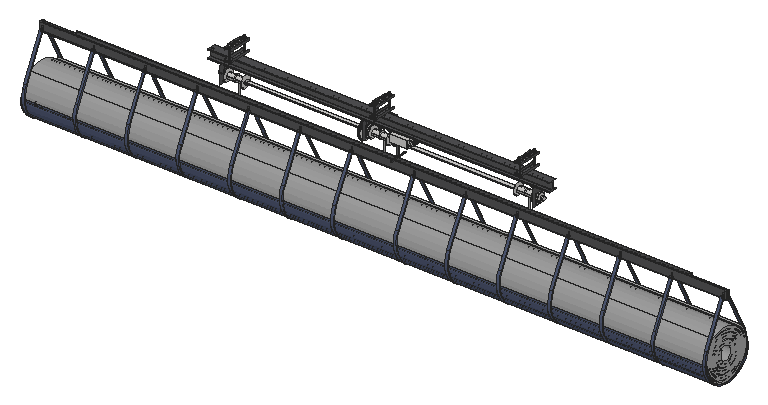
Revit family "Wrestling_Mat_Storage-PSS-4090", category Specialty Equipment, Revit 2017 (continued)
Definition of nested family "Wrestling_Mat_Storage-Hoist-PSS"
  Forms (in)
    Extrusion 55, solid, detail levels medium+fine
      sketch origin (23.0625, 31.64778, -3.17969) x (0, 1, 0) y (0, 0, 1)
        loop
          line (-32.02278, 8.61719) -> (-32.02278, 7.24219) -> (-30.64778, 7.24219) -> (-30.64778, 8.61719) -> (-32.02278, 8.61719)
        loop
          line (-31.89778, 8.49219) -> (-31.89778, 7.36719) -> (-30.77278, 7.36719) -> (-30.77278, 8.49219) -> (-31.89778, 8.49219)
        loop
          line (-31.71028, 8.30469) -> (-31.71028, 7.55469) -> (-30.96028, 7.55469) -> (-30.96028, 8.30469) -> (-31.71028, 8.30469)
        loop
          line (-31.08528, 8.17969) -> (-31.58528, 8.17969) -> (-31.58528, 7.67969) -> (-31.08528, 7.67969) -> (-31.08528, 8.17969)
        loop
          circle (-29.58528, 6.17969) r 0.0625
        loop
          circle (-33.08528, 9.67969) r 0.0625
        loop
          circle (-33.08528, 6.17969) r 0.0625
      from 0 to 1.25
    Extrusion 56, solid, detail levels medium+fine
      sketch origin (23.0625, 5, 0) x (0, 1, 0) y (0, 0, 1)
        loop
          circle (-9.63644, 4.84421) r 1.25
        loop
          circle (-9.63644, 4.84421) r 0.625
      from 0 to 0.75
    Extrusion 57, solid, detail levels medium+fine
      sketch origin (23.0625, 5, 0) x (0, 1, 0) y (0, 0, 1)
        loop
          arc (-9.2615, 6.35091) -> (-9.63644, 6.71921) -> (-10.01138, 6.35091) r 0.375
          arc (-10.01138, 6.35091) -> (-10.08055, 6.10596) -> (-10.26134, 5.9268) r 0.5
          arc (-10.26134, 5.9268) -> (-9.63644, 6.09421) -> (-9.01154, 5.9268) r 1.25
          arc (-9.01154, 5.9268) -> (-9.19234, 6.10596) -> (-9.2615, 6.35091) r 0.5
        loop
          arc (-8.51908, 3.76615) -> (-8.01265, 3.90671) -> (-8.14414, 4.41557) r 0.375
          arc (-8.14414, 4.41557) -> (-8.32168, 4.59795) -> (-8.38644, 4.8441) r 0.5
          arc (-8.38644, 4.8441) -> (-8.55391, 4.21921) -> (-9.01134, 3.76174) r 1.25
          arc (-9.01134, 3.76174) -> (-8.76579, 3.82873) -> (-8.51908, 3.76615) r 0.5
        loop
          arc (-11.12875, 4.41557) -> (-11.26024, 3.90671) -> (-10.75381, 3.76615) r 0.375
          arc (-10.75381, 3.76615) -> (-10.5071, 3.82873) -> (-10.26154, 3.76174) r 0.5
          arc (-10.26154, 3.76174) -> (-10.71898, 4.21921) -> (-10.88644, 4.8441) r 1.25
          arc (-10.88644, 4.8441) -> (-10.95121, 4.59795) -> (-11.12875, 4.41557) r 0.5
        loop
          circle (-9.63644, 6.34421) r 0.125
        loop
          circle (-8.33741, 4.09421) r 0.125
        loop
          circle (-10.93548, 4.09421) r 0.125
      from 0 to 0.375
    Extrusion 58, solid, detail levels medium+fine
      sketch origin (23.0625, 5, 0) x (0, 1, 0) y (0, 0, 1)
        loop
          circle (-9.63644, 4.84421) r 0.375
        loop
          circle (-9.63644, 4.84421) r 0.625
      from 0 to 1
    Extrusion 59, solid, detail levels medium+fine
      sketch origin (10.5625, 5, 0) x (0, 1, 0) y (0, 0, -1)
        loop
          circle (-9.63644, -4.84421) r 1.25
        loop
          circle (-9.63644, -4.84421) r 0.625
      from 0 to 0.75
    Extrusion 60, solid, detail levels medium+fine
      sketch origin (10.5625, 5, 0) x (0, 1, 0) y (0, 0, -1)
        loop
          arc (-9.2615, -6.35091) -> (-9.19234, -6.10596) -> (-9.01154, -5.9268) r 0.5
          arc (-9.01154, -5.9268) -> (-9.63644, -6.09421) -> (-10.26134, -5.9268) r 1.25
          arc (-10.26134, -5.9268) -> (-10.08055, -6.10596) -> (-10.01138, -6.35091) r 0.5
          arc (-10.01138, -6.35091) -> (-9.63644, -6.71921) -> (-9.2615, -6.35091) r 0.375
        loop
          arc (-8.51908, -3.76615) -> (-8.76579, -3.82873) -> (-9.01134, -3.76174) r 0.5
          arc (-9.01134, -3.76174) -> (-8.55391, -4.21921) -> (-8.38644, -4.8441) r 1.25
          arc (-8.38644, -4.8441) -> (-8.32168, -4.59795) -> (-8.14414, -4.41557) r 0.5
          arc (-8.14414, -4.41557) -> (-8.01265, -3.90671) -> (-8.51908, -3.76615) r 0.375
        loop
          arc (-11.12875, -4.41557) -> (-10.95121, -4.59795) -> (-10.88644, -4.8441) r 0.5
          arc (-10.88644, -4.8441) -> (-10.71898, -4.21921) -> (-10.26154, -3.76174) r 1.25
          arc (-10.26154, -3.76174) -> (-10.5071, -3.82873) -> (-10.75381, -3.76615) r 0.5
          arc (-10.75381, -3.76615) -> (-11.26024, -3.90671) -> (-11.12875, -4.41557) r 0.375
        loop
          circle (-9.63644, -6.34421) r 0.125
        loop
          circle (-8.33741, -4.09421) r 0.125
        loop
          circle (-10.93548, -4.09421) r 0.125
      from 0 to 0.375
    Extrusion 61, solid, detail levels medium+fine
      sketch origin (10.5625, 5, 0) x (0, 1, 0) y (0, 0, -1)
        loop
          circle (-9.63644, -4.84421) r 0.375
        loop
          circle (-9.63644, -4.84421) r 0.625
      from 0 to 1
    Extrusion 62, solid, material <- "Superstructure Finish", detail levels medium+fine
      sketch origin (0, 2, 0) x (1, 0, 0) y (0, 1, 0)
        loop
          circle (9.6875, 0) r 0.5
        loop
          circle (9.6875, 0) r 0.375
      from -11 to 2
    Extrusion 63, solid, material <- "Superstructure Finish", detail levels medium+fine
      sketch origin (0, 2, 0) x (1, 0, 0) y (0, 1, 0)
        loop
          circle (9.6875, 0) r 0.5
        loop
          circle (9.6875, 0) r 0.6875
      from 0 to 7.25
    Extrusion 64, solid, material <- "Superstructure Finish", detail levels medium+fine
      sketch origin (9.625, 1.625, 5.33347) x (0, 1, 0) y (0, 0, 1)
        loop
          line (0, -8.58347) -> (0, -7.33347) -> (-1.375, -7.33347)
          arc (-1.375, -7.33347) -> (-2.34727, -6.93075) -> (-2.75, -5.95847) r 1.375
          line (-2.75, -5.95847) -> (-2.75, -0.33347)
          arc (-2.75, -0.33347) -> (-2.82322, -0.1567) -> (-3, -0.08347) r 0.25
          line (-3, -0.08347) -> (-3.75, -0.08347)
          arc (-3.75, -0.08347) -> (-3.92678, -0.1567) -> (-4, -0.33347) r 0.25
          line (-4, -0.33347) -> (-4, -5.95847)
          arc (-4, -5.95847) -> (-3.23116, -7.81463) -> (-1.375, -8.58347) r 2.625
          line (-1.375, -8.58347) -> (0, -8.58347)
        loop
          arc (-3.625, -0.45847) -> (-3.75, -0.58347) -> (-3.625, -0.70847) r 0.125
          line (-3.625, -0.70847) -> (-3.125, -0.70847)
          arc (-3.125, -0.70847) -> (-3, -0.58347) -> (-3.125, -0.45847) r 0.125
          line (-3.125, -0.45847) -> (-3.625, -0.45847)
      from 0 to 0.125
    Extrusion 65, solid, material <- "Superstructure Finish", detail levels medium+fine
      sketch origin (0, 2, 0.25) x (1, 0, 0) y (0, 0, 1)
        loop
          circle (9.6875, -11.25) r 0.5
        loop
          circle (9.6875, -11.25) r 0.375
      from -6 to 6
    Extrusion 66, solid, material <- "Superstructure Finish", detail levels medium+fine
      sketch origin (0, 0, 7.25) x (1, 0, 0) y (0, 1, 0)
        loop
          circle (-7.875, 10.0625) r 0.25
        loop
          circle (-1.375, 10.0625) r 0.25
        loop
          circle (-7.875, 5.1875) r 0.25
        loop
          circle (-1.375, 5.1875) r 0.25
        loop
          line (-9.625, 12.125) -> (-9.625, 3.125) -> (0.375, 3.125) -> (0.375, 12.125) -> (-9.625, 12.125)
      from 0 to 0.5
    Extrusion 67, solid, detail levels fine
      sketch origin (-6.55965, 3.63607, 0) x (1, 0, 0) y (0, 1, 0)
        loop
          circle (-1.31535, 6.42643) r 0.25
        loop
          circle (-1.31535, 1.55143) r 0.25
        loop
          circle (5.18465, 6.42643) r 0.25
        loop
          circle (5.18465, 1.55143) r 0.25
      from 6.625 to 8.375
    Extrusion 68, solid, detail levels fine
      sketch origin (0, 0, -4.625) x (0, -1, 0) y (1, 0, 0)
        loop
          line (-10.46875, -7.64045) -> (-10.46875, -8.10955) -> (-10.0625, -8.3441) -> (-9.65625, -8.10955) -> (-9.65625, -7.64045) -> (-10.0625, -7.4059) -> (-10.46875, -7.64045)
        loop
          line (-10.46875, -1.14045) -> (-10.46875, -1.60955) -> (-10.0625, -1.8441) -> (-9.65625, -1.60955) -> (-9.65625, -1.14045) -> (-10.0625, -0.9059) -> (-10.46875, -1.14045)
        loop
          line (-5.59375, -7.64045) -> (-5.59375, -8.10955) -> (-5.1875, -8.3441) -> (-4.78125, -8.10955) -> (-4.78125, -7.64045) -> (-5.1875, -7.4059) -> (-5.59375, -7.64045)
        loop
          line (-5.59375, -1.14045) -> (-5.59375, -1.60955) -> (-5.1875, -1.8441) -> (-4.78125, -1.60955) -> (-4.78125, -1.14045) -> (-5.1875, -0.9059) -> (-5.59375, -1.14045)
      from 11 to 11.25
    Extrusion 69, solid, visible <- "Structure Mounted", detail levels fine
      sketch origin (0, 0, 11.625) x (0, -1, 0) y (1, 0, 0)
        loop
          circle (-6.5, 0) r 0.1875
        loop
          line (-6.78125, 0.16238) -> (-6.78125, -0.16238) -> (-6.5, -0.32476) -> (-6.21875, -0.16238) -> (-6.21875, 0.16238) -> (-6.5, 0.32476) -> (-6.78125, 0.16238)
        loop
          circle (6.5, 0) r 0.1875
        loop
          line (6.78125, 0.16238) -> (6.5, 0.32476) -> (6.21875, 0.16238) -> (6.21875, -0.16238) -> (6.5, -0.32476) -> (6.78125, -0.16238) -> (6.78125, 0.16238)
      from 11 to 11.25
Definition of nested family "Wrestling_Mat_Storage-Sling_Strap-PSS-4090"
  Parameters (values of type "Wrestling_Mat_Storage-Sling_Strap-PSS-4090")
    URL = "http://www.perfsports.com/"
    Superstructure Finish = none
    Sling Material = none
    Show Lower Sling = yes
    Manufacturer = "Performance Sports Systems"  # constant formula
    Description = "Sling Strap for Wrestling Mat Storage System"
    Default Elevation = 4' - 0"
    Created By = "Revitus"  # constant formula
    Creator URL = "http://www.revituspro.com/"
    Assembly Code = ""
  Reference planes (in)
    plane 1 "Center (Front/Back)": y = 0
    plane 2: z = 0
    plane 3 "Center (Left/Right)": x = 0
    plane 4: z = -18
    plane 5: z = 35.5
    plane 6: y = 1
    plane 7: y = -1
    plane 8: z = -60
    plane 9: z = -42
    plane 10: z = 38.5
  Forms (in)
    Sweep 1, solid, material <- "Superstructure Finish", detail levels medium+fine
      path origin (0, 0, -6) x (0, 1, 0) y (0, 0, 1)
        loop
          line (1.1875, 44.5) -> (1.1875, 42.375)
          arc (1.1875, 42.375) -> (1.875, 41.6875) -> (2.5625, 42.375) r 0.6875
          line (2.5625, 42.375) -> (2.5625, 43)
      profile origin (0, 1.1875, 37.4375) x (1, 0, 0) y (0, 1, 0)
        loop
          circle (0, 0) r 0.1875
    Sweep 2, solid, material <- "Superstructure Finish", detail levels medium+fine
      path origin (0, 0, -6) x (0, -1, 0) y (0, 0, 1)
        loop
          line (1.1875, 44.5) -> (1.1875, 42.375)
          arc (1.1875, 42.375) -> (1.875, 41.6875) -> (2.5625, 42.375) r 0.6875
          line (2.5625, 42.375) -> (2.5625, 43)
      profile origin (0, -1.1875, 37.4375) x (1, 0, 0) y (0, 1, 0)
        loop
          circle (0, 0) r 0.1875
    Extrusion 3, solid, material <- "Sling Material"
      sketch origin (0, 0, 0) x (0, 1, 0) y (0, 0, 1)
        loop
          line (-16.14188, 8.24351) -> (-1.74058, 36.44315) -> (-1.8519, 36.5) -> (-16.2532, 8.30036)
          arc (-16.2532, 8.30036) -> (0, -18.25) -> (16.2532, 8.30036) r 18.25
          line (16.2532, 8.30036) -> (1.8519, 36.5) -> (1.74058, 36.44315) -> (16.14188, 8.24351)
          arc (16.14188, 8.24351) -> (0, -18.125) -> (-16.14188, 8.24351) r 18.125
      from -1 to 1
    Extrusion 4, solid, material <- "Sling Material", visible <- "Show Lower Sling"
      sketch origin (0, 0, 0) x (0, 1, 0) y (0, 0, 1)
        loop
          line (-18.25, -42) -> (-18.25, 0)
          arc (-18.25, 0) -> (-17.74378, 4.26858) -> (-16.2532, 8.30036) r 18.25
          line (-16.2532, 8.30036) -> (-1.8519, 36.5) -> (-1.96322, 36.55685) -> (-16.36452, 8.35721)
          arc (-16.36452, 8.35721) -> (-17.86531, 4.29782) -> (-18.375, 0) r 18.375
          line (-18.375, 0) -> (-18.375, -42)
          arc (-18.375, -42) -> (0, -60.375) -> (18.375, -42) r 18.375
          line (18.375, -42) -> (18.375, 0)
          arc (18.375, 0) -> (17.86531, 4.29782) -> (16.36452, 8.35721) r 18.375
          line (16.36452, 8.35721) -> (1.96322, 36.55685) -> (1.8519, 36.5) -> (16.2532, 8.30036)
          arc (16.2532, 8.30036) -> (17.74378, 4.26858) -> (18.25, 0) r 18.25
          line (18.25, 0) -> (18.25, -42)
          arc (18.25, -42) -> (0, -60.25) -> (-18.25, -42) r 18.25
      from -1 to 1
  Dimensions and locks (in)
    locked: level to plane 4 at 18
    plane 5 to plane 4 to plane 8 = 4' - 5 1/2" locked, 3' - 6" locked
    locked: plane 9 to plane 8 at 18
    aligned and locked: level to plane 2
Definition of nested family "Wrestling_Mat_Wall_Mount_Bracket-PSS"
  Parameters (values of type "Wrestling_Mat_Wall_Mount_Bracket-PSS")
    URL = "http://www.perfsports.com/"
    Superstructure Finish = none
    Manufacturer = "Performance Sports Systems"  # constant formula
    Description = "Fastener for Attaching Wrestling Mat Storage to Structure"
    Default Elevation = 4' - 0"
    Created By = "Revitus"  # constant formula
    Creator URL = "http://www.revituspro.com/"
    Assembly Code = ""
  Reference planes (in)
    plane 1 "Center (Front/Back)": y = 0
    plane 2: z = 0
    plane 3 "Center (Left/Right)": x = 0
    plane 4: z = 22.625
    plane 5 "Wall Face": y = -30.25
    plane 6: y = 11.75
    plane 7: z = 23
    plane 8: z = 26.625
    plane 9: y = -26.25
    plane 10: y = -29.875
    plane 11: z = 8.625
    plane 12: z = 68.625
    plane 13: x = -2
    plane 14: x = 2
    plane 15: x = -1.625
    plane 16: x = -2.375
    plane 17: x = 1.625
    plane 18: through (0, -4.25, 26.625) normal (0, 0.7071, 0.7071)
  Forms (in)
    Extrusion 1, solid, detail levels fine
      sketch origin (0, 0, 11.625) x (0, -1, 0) y (1, 0, 0)
        loop
          circle (-6.5, 0) r 0.1875
        loop
          line (-6.78125, 0.16238) -> (-6.78125, -0.16238) -> (-6.5, -0.32476) -> (-6.21875, -0.16238) -> (-6.21875, 0.16238) -> (-6.5, 0.32476) -> (-6.78125, 0.16238)
        loop
          circle (6.5, 0) r 0.1875
        loop
          line (6.78125, 0.16238) -> (6.5, 0.32476) -> (6.21875, 0.16238) -> (6.21875, -0.16238) -> (6.5, -0.32476) -> (6.78125, -0.16238) -> (6.78125, 0.16238)
      from 11.375 to 11.625
    Extrusion 2, solid, detail levels fine
      sketch origin (0, 0, 11.1875) x (0, -1, 0) y (1, 0, 0)
        loop
          circle (-6.5, 0) r 0.1875
        loop
          line (-6.78125, 0.16238) -> (-6.78125, -0.16238) -> (-6.5, -0.32476) -> (-6.21875, -0.16238) -> (-6.21875, 0.16238) -> (-6.5, 0.32476) -> (-6.78125, 0.16238)
        loop
          circle (6.5, 0) r 0.1875
        loop
          line (6.78125, 0.16238) -> (6.5, 0.32476) -> (6.21875, 0.16238) -> (6.21875, -0.16238) -> (6.5, -0.32476) -> (6.78125, -0.16238) -> (6.78125, 0.16238)
      from 11.1875 to 11.4375
    Extrusion 3, solid, material <- "Superstructure Finish"
      sketch origin (0, 0, 0) x (1, 0, 0) y (0, 0, 1)
        loop
          line (-2, 22.625) -> (2, 22.625)
          arc (2, 22.625) -> (1.89017, 22.89017) -> (1.625, 23) r 0.375
          line (1.625, 23) -> (-1.625, 23) -> (-1.625, 26.25)
          arc (-1.625, 26.25) -> (-1.73483, 26.51517) -> (-2, 26.625) r 0.375
          line (-2, 26.625) -> (-2, 22.625)
      from -11.75 to 29.875
    Extrusion 4, solid, material <- "Superstructure Finish"
      sketch origin (0, 0, 0) x (1, 0, 0) y (0, 1, 0)
        loop
          line (-2.375, -30.25) -> (1.625, -30.25)
          arc (1.625, -30.25) -> (1.51517, -29.98483) -> (1.25, -29.875) r 0.375
          line (1.25, -29.875) -> (-2, -29.875) -> (-2, -26.625)
          arc (-2, -26.625) -> (-2.10983, -26.35983) -> (-2.375, -26.25) r 0.375
          line (-2.375, -26.25) -> (-2.375, -30.25)
      from 8.625 to 68.625
    Sweep 5, solid, material <- "Superstructure Finish"
      path origin (0, 3, 0) x (0, 1, 0) y (0, 0, 1)
        loop
          line (-2.21079, 21.58579) -> (-34.28921, 53.66421)
      profile origin (0, -15.25, 37.625) x (0, -0.707107, -0.707107) y (1, 0, 0)
        loop
          line (2, -1.625) -> (2, 2.375)
          arc (2, 2.375) -> (1.73483, 2.26517) -> (1.625, 2) r 0.375
          line (1.625, 2) -> (1.625, -1.25) -> (-1.625, -1.25)
          arc (-1.625, -1.25) -> (-1.89017, -1.35983) -> (-2, -1.625) r 0.375
          line (-2, -1.625) -> (2, -1.625)
    Extrusion 6, void
      sketch origin (0, 0, -1.25) x (0, 1, 0) y (0, 0, 1)
        loop
          line (-29.875, 56.32843) -> (-32.875, 56.32843) -> (-32.875, 50.32843) -> (-29.875, 50.32843) -> (-29.875, 56.32843)
        loop
          line (-3.79657, 24.25) -> (-3.79657, 21.25) -> (2.20343, 21.25) -> (2.20343, 24.25) -> (-3.79657, 24.25)
      from 4 to -4
    Extrusion 7, void
      sketch origin (0, -30.25, 0) x (0, 0, 1) y (-1, 0, 0)
        loop
          circle (12.625, 0.375) r 0.375
        loop
          circle (20.625, 0.375) r 0.375
        loop
          circle (34.625, 0.375) r 0.375
        loop
          circle (64.625, 0.375) r 0.375
      from 0 to -0.375
  Cuts and joins
    Extrusion 6 cuts Sweep 5
    Extrusion 7 cuts Extrusion 4
  Dimensions and locks (in)
    plane 4 to level = 1' - 10 5/8"
    locked: plane 1 "Center (Front/Back)" to plane 5 "Wall Face" at 30.25
    locked: plane 6 to plane 5 "Wall Face" at 42
    locked: plane 12 to plane 11 at 60
    locked: plane 4 to plane 11 at 14
    aligned and locked: level to plane 2
    aligned and locked: Extrusion 3 sketch curve to plane 13
    aligned and locked: Extrusion 3 sketch curve to plane 15
    aligned and locked: Extrusion 3 sketch curve to plane 7
    aligned and locked: Extrusion 3 sketch curve to plane 4
    aligned and locked: Extrusion 3 to plane 6
    aligned and locked: plane 10 to Extrusion 3
    aligned and locked: Extrusion 4 sketch curve to plane 16
    aligned and locked: Extrusion 4 sketch curve to plane 10
    aligned and locked: Extrusion 4 sketch curve to plane 5 "Wall Face"
    aligned and locked: Extrusion 4 sketch curve to plane 13
    aligned and locked: plane 12 to Extrusion 4
    aligned and locked: Extrusion 4 to plane 11
    aligned and locked: plane 10 to Extrusion 6 sketch curve
Types (5): name | Wall Mounted | Structure Mounted | Show Lower Sling | Model
  (no name) | no | yes | no | "4090"
  4090 - Single Sling | no | yes | no | "4090"
  4090DS - Double Sling Vertical | no | yes | yes | "4090DS"
  4090WM - Single Sling | yes | no | no | "4090WM"
  4090WM-DS - Double Sling Vertical | yes | no | yes | "4090WM-DS"
